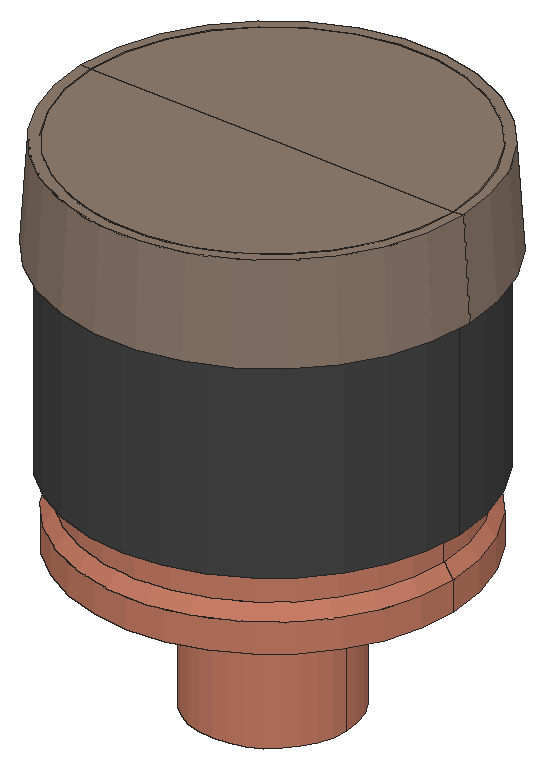
Revit family
Parameters (values of type "4020S02")
  Weight (lb) = 9.34
  Warranty = "1 year material and workmanship"  # constant formula
  URL = "http://www.jrsmith.com"
  Technical and Installation = "http://www.jrsmith.com/products/cleanout/pm/tech.pdf"
  SmartBIM Object Version = 3  # constant formula
  SmartBIM Object Created By = "Reed Construction Data"  # constant formula
  Product URL = "http://www.jrsmith.com/products/cleanout/submittal/d4020.pdf"
  Pipe Radius = Pipe Diameter / 2  # 1"
  Pipe Diameter = 2"
  Pipe = Copper Satin
  OmniClass Title = "Sanitary Waste Piping Specialities"  # constant formula
  OmniClass Code = "22-22 13 19 13"  # constant formula
  Model = "2810"  # constant formula
  Material Finish = Duco Coated
  Material = Cast Iron
  Manufacturer = "Jay R. Smith Mfg. Co. "  # constant formula
  Flow Rate = ""
  Floor Offset = 3 1/8"
  Description = "Duco cast iron cleanout with round adjustable scoriated secured nickel bronze top"  # constant formula
  Default Elevation = 0"
  Connection Type = ""
  Assembly Code = "D2030400"
  95 CSI = "15155"  # constant formula
  04 CSI = "22 13 19"  # constant formula
Types (4): name | Weight (lb) | Pipe Radius | Pipe Diameter
  4020S03 | 9.06 | 1 1/2" | 3"
  4020S04 | 8.82 | 2" | 4"
  4020S02 | 9.34 | 1" | 2"
  4020S05 | 8.55 | 2 1/2" | 5"
Reference planes (in)
  plane 1 "Center (Front/Back)": y = 0.875
  plane 2: z = 0
  plane 3 "Center (Left/Right)": x = 0
  plane 4: y = 7
  plane 5: y = -5.25
  plane 6: z = -8.01953
  plane 7: z = 0.125
  plane 8: z = -3.06301
  plane 9: z = 0
  plane 10: z = -1.40159
  plane 11: z = -4.52659
Forms (in)
  Revolve 1, solid, material "Duco Coated" <- "Material Finish"
    sketch origin (0, 0.875, 2.84979) x (1, 0, 0) y (0, 0, 1)
      loop
        line (2.78083, -4.19669) -> (2.78083, -7.37638) -> (3.02847, -7.37638) -> (3.02847, -4.19669) -> (2.78083, -4.19669)
      axis (0, -7.37638) -> (0, -4.19669)
    angle from 0 to 360
  Revolve 2, solid, material "Copper Satin" <- "Pipe"
    sketch origin (0, 0.875, 2.84979) x (1, 0, 0) y (0, 0, 1)
      loop
        line (2.54549, -8.31784) -> (1, -8.31784) -> (1, -10.86932) -> (1.202, -10.86932) -> (1.202, -8.53137) -> (2.93861, -8.53137) -> (2.93861, -8.06652) -> (2.78083, -7.85757) -> (2.78083, -7.37638) -> (2.54549, -7.37638) -> (2.54549, -8.31784)
      axis (0, -10.86932) -> (0, -7.37638)
    angle from 0 to 360
  Revolve 3, solid, material "Cast Iron" <- "Material"
    sketch origin (0, 0.875, 2.84979) x (1, 0, 0) y (0, 0, 1)
      loop
        line (0, -2.72479) -> (0, -3.10377) -> (0.0824, -3.10377) -> (0.0824, -2.91489) -> (2.9285, -2.91489) -> (2.93846, -2.72479) -> (0, -2.72479)
      axis (0, -2.72479) -> (0, -3.10377)
    angle from 0 to 360
  Revolve 4, solid, material "Cast Iron" <- "Material"
    sketch origin (0, 0.875, 3.36489) x (1, 0, 0) y (0, 0, 1)
      loop
        line (3.19186, -4.76648) -> (3.09624, -3.23989) -> (2.93845, -3.23989) -> (2.90704, -3.83956) -> (2.41018, -3.83956) -> (2.40189, -3.99735) -> (2.98816, -3.99735) -> (3.02847, -4.76648) -> (3.19186, -4.76648)
      axis (0, -4.76648) -> (0, -3.23989)
    angle from 0 to 360
Lines and regions (in)
  model lines
    curve 1: line (0, 0.875, -1.66205) -> (0, 0.875, -1.40021)
    curve 2: line (-2.81216, 0.875, 0.125) -> (2.81216, 0.875, 0.125)
Dimensions and locks (in)
  equal spacing: plane 5, plane 1 "Center (Front/Back)", plane 4
  locked: Revolve 2 sketch curve to Revolve 2 sketch curve at 0.202
  Revolve 1 to Revolve 2 sketch curve to Revolve 2 sketch curve to Revolve 2 sketch curve = 23/256" locked, 0.15778" locked, 0.23533" locked
  "Pipe Radius": Revolve 2 sketch curve to plane 3 "Center (Left/Right)"
  plane 7 to Revolve 4 sketch curve to Revolve 4 sketch curve = 0.59967" locked, 0.15778" locked
  locked: plane 8 to plane 6 at 4.95652
  plane 7 to Revolve 3 sketch curve to Revolve 3 sketch curve = 0.1901" locked, 0.18888" locked
  locked: plane 7 to plane 9 at 0.125
  "Floor Offset": plane 10 to plane 11
  locked: plane 11 to plane 6 at 3.49294
  locked: level to plane 10 at 1.40159
  locked: Revolve 1 sketch curve to plane 10 at 0.05469
  aligned and locked: Revolve 2 sketch curve to plane 6
  aligned and locked: Revolve 4 sketch curve to plane 7
  aligned and locked: curve 2 to Revolve 3
  aligned and locked: Revolve 3 sketch curve to plane 7
  aligned and locked: Revolve 1 to Revolve 2 sketch curve
  aligned and locked: Revolve 1 sketch curve to plane 11
  aligned and locked: Revolve 4 sketch curve to plane 10
  aligned and locked: Revolve 4 to Revolve 3 sketch curve
Automatic sketch dimensions
  curve 1 to plane 3 "Center (Left/Right)" = 0"
  plane 3 "Center (Left/Right)" to curve 2 = 2.81216"
  Revolve 2 sketch curve to plane 3 "Center (Left/Right)" = 0"
  Revolve 2 sketch curve to plane 7 = 1.52521"
  plane 7 to Revolve 2 sketch curve = 2.79119"
  Revolve 4 sketch curve to plane 3 "Center (Left/Right)" = 0"
  plane 3 "Center (Left/Right)" to Revolve 4 sketch curve = 2.40189"
  Revolve 4 sketch curve to Revolve 4 sketch curve = 0.0083"
  Revolve 4 sketch curve to Revolve 4 sketch curve = 0.49685"
  Revolve 4 sketch curve to Revolve 4 sketch curve = 0.03141"
  Revolve 4 sketch curve to Revolve 4 sketch curve = 0.08112"
  Revolve 4 sketch curve to Revolve 4 sketch curve = 0.15779"
  Revolve 4 sketch curve to plane 7 = 1.01011"
  plane 7 to Revolve 4 sketch curve = 0.85422"
  curve 1 to level = 1.66205"
  Revolve 1 sketch curve to plane 3 "Center (Left/Right)" = 0"
  plane 3 "Center (Left/Right)" to Revolve 1 sketch curve = 2.78083"
  Revolve 1 sketch curve to Revolve 1 sketch curve = 0.24764"
  Revolve 1 sketch curve to plane 7 = 1.52521"
  plane 7 to Revolve 1 sketch curve = 3.03724"
  curve 2 to plane 3 "Center (Left/Right)" = 2.81216"
  curve 1 to plane 7 = 1.52521"
  plane 6 to Revolve 2 sketch curve = 2.33795"
  Revolve 2 sketch curve to Revolve 2 sketch curve = 0.21353"
  Revolve 2 sketch curve to Revolve 2 sketch curve = 119/256"
  Revolve 2 sketch curve to Revolve 2 sketch curve = 0.20896"
  Revolve 4 sketch curve to Revolve 4 sketch curve = 0.04031"
  Revolve 4 sketch curve to Revolve 4 sketch curve = 0.16339"
  Revolve 3 sketch curve to plane 3 "Center (Left/Right)" = 0"  (x2)
  plane 3 "Center (Left/Right)" to Revolve 3 sketch curve = 0.0824"
  plane 10 to Revolve 3 sketch curve = 0.00138"
  plane 7 to Revolve 3 sketch curve = 3.11862"
  Revolve 3 sketch curve to Revolve 3 sketch curve = 2.8461"
Connectors (in)
  piping at (0, 0.875, -8.01953), driven by "Pipe Radius"
    settings: on Revolve 2, index 2
